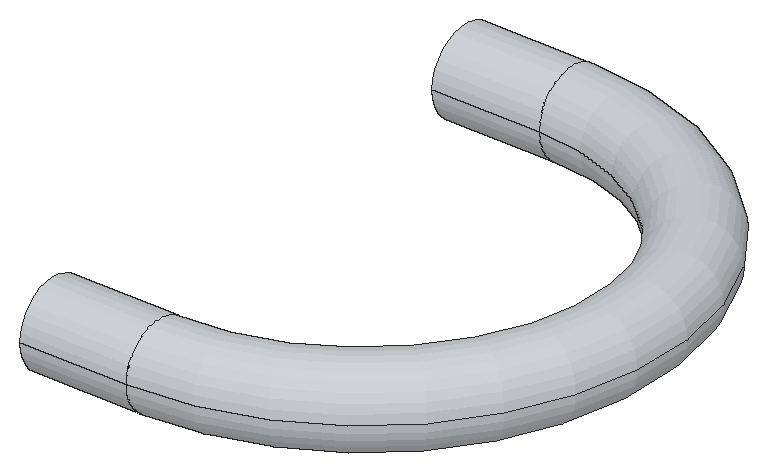
Revit family "Dobra de retorno do conduíte - Extremidade rosqueada - PVC", category Conexões do conduite, Revit 2019
Family settings
  Cota do conector redondo = Usar raio
  Tipo de parte = Múltiplas portas
  Com base no plano de trabalho = Não
  Sempre na vertical = Sim
  Corte com vazios quando carregada = Não
  Compartilhado = Não
Parameters (values of type "Padrão")
  Raio nominal [instance] = 12.5 mm
  Diâmetro nominal [instance] = Raio nominal * 2  # 25 mm
  Centro do meio para o centro [instance] = size_lookup(Pesquisa de tamanho de conduite, "BRad", 0.74 * Diâmetro nominal + 59.8 mm, Diâmetro nominal)  # 81 mm
  Raio externo da conexão [instance] = Diâmetro externo da conexão / 2  # 12.95 mm
  Diâmetro externo da conexão [instance] = size_lookup(Pesquisa de tamanho de conduite, "FOD", Diâmetro nominal, Diâmetro nominal)  # 25.9 mm
  Pesquisa de tamanho de conduite = "BR_Conduit Return Bend - Threaded End - PVC"
  Comprimento do conduíte [instance] = size_lookup(Pesquisa de tamanho de conduite, "CLgt", 0.03 * Diâmetro nominal + 39.7 mm, Diâmetro nominal)  # 33.5 mm
  Centro para o centro [instance] = Centro do meio para o centro * 2  # 162 mm
Reference planes
  plane 1 "Centro (Frente/Trás)": y = 0
  plane 2: z = 0
  plane 3 "Centro (Esquerda/Direita)": x = 0
  plane 4 "centro do raio y": x = 33.5
  plane 5 "centro do raio x": y = -81
  plane 6 "Porto dobrado": y = -162
  plane 7 "varrer": x = 114.5
Forms (mm)
  Sweep 1, solid, detail levels fine
    path origin (0, 0, 0) x (1, 0, 0) y (0, 1, 0)
      loop
        line (0, 0) -> (33.5, 0)
        arc (33.5, 0) -> (114.5, -81) -> (33.5, -162) r 81
        line (33.5, -162) -> (0, -162)
    profile origin (114.5, -81, 0) x (1, 0, 0) y (0, 0, 1)
      loop
        circle (0, 0) r 12.95
Lines and regions (mm)
  model lines, detail levels coarse+medium
    curve 1: arc (33.5, 0, 0) -> (114.5, -81, 0) -> (33.5, -162, 0) r 81
    curve 2: line (33.5, 0, 0) -> (0, 0, 0)
    curve 3: line (33.5, -162, 0) -> (0, -162, 0)
Dimensions and locks
  "Comprimento do conduíte": plane 3 "Centro (Esquerda/Direita)" to plane 4 "centro do raio y"
  "Centro do meio para o centro": plane 4 "centro do raio y" to plane 7 "varrer"
  "Centro do meio para o centro": plane 1 "Centro (Frente/Trás)" to plane 5 "centro do raio x"
  "Centro para o centro": plane 6 "Porto dobrado" to plane 1 "Centro (Frente/Trás)"
  "Centro do meio para o centro": radius of Sweep 1 sketch curve
  "Raio externo da conexão": radius of Sweep 1 sketch curve
  "Centro do meio para o centro": radius of curve 1
  aligned and locked: level to plane 2
  aligned and locked: plane 5 "centro do raio x" to Sweep 1 sketch curve
  aligned and locked: plane 4 "centro do raio y" to Sweep 1 sketch curve
  aligned and locked: plane 3 "Centro (Esquerda/Direita)" to Sweep 1 sketch curve  (x2)
  aligned and locked: plane 5 "centro do raio x" to curve 1
  aligned and locked: plane 4 "centro do raio y" to curve 1  (x3)
  aligned and locked: plane 3 "Centro (Esquerda/Direita)" to curve 2
  aligned and locked: plane 3 "Centro (Esquerda/Direita)" to curve 3
Automatic sketch dimensions
  Sweep 1 sketch curve to level = 0 mm
  profile plane to Sweep 1 sketch curve = 0 mm
Connectors
  cabletrayconduit at (0, 0, 0), diameter 25, driven by "Raio nominal"
    settings: on Sweep 1, index 1, connector width 300 mm, connector height 300 mm, connector angle 0.00°, system type 32, placement type 0, profile type 0, connector reference index 2, is primary connector yes, connector utility param no, connector description ""
  cabletrayconduit at (0, -162, 0), diameter 25, driven by "Raio nominal"
    settings: on Sweep 1, index 2, connector width 300 mm, connector height 300 mm, connector angle 0.00°, system type 32, placement type 0, profile type 0, connector reference index 1, is primary connector no, connector utility param no, connector description ""
